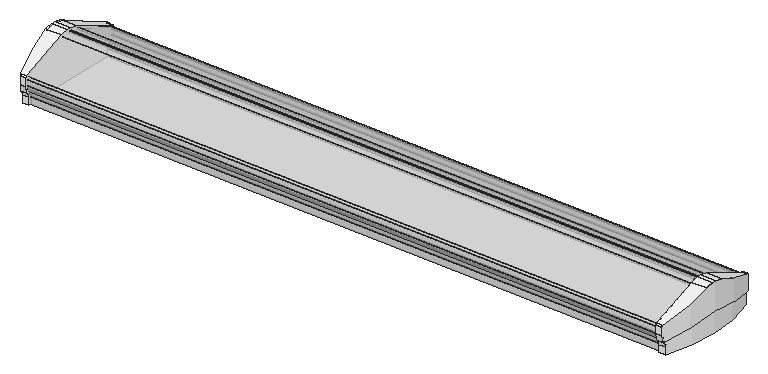
Revit family "0044895 Lighting Fixture_Sylvania_DeltaWing-LED-Electronic_Ceiling Surface", category Lighting Fixtures, host Face, Revit 2017
Family settings
  Host = Face
  Round Connector Dimension = Use Diameter
  Part Type = Normal
  OmniClass Number = 23.80.70.11.17
  OmniClass Title = Specialized Lighting by Location or Use
  Cut with Voids When Loaded = No
  Light Source = Yes
  Shared = No
  Room Calculation Point = No
Parameters (values of type "DELTAWING LED40 DALI MW 4K 1200")
  Width = 200.0 mm
  Weight = 3.50 kg
  Wattage = 36 W
  built-in parameter 1150110 = 1 (stored number, unit not read)
  Voltage Comments = "UNV (Universal Voltage; 220-240 Volt)"  # constant formula
  Voltage = 230 V  # constant formula
  URL = "http://www.sylvania-lighting.com"
  built-in parameter 1114217 = 1 (stored number, unit not read)
  Tilt Angle = -90.00°
  built-in parameter 1150109 = 1 (stored number, unit not read)
  built-in parameter 1150134 = 12
  Ta Rating = "-10°C  to +25°C"  # constant formula
  built-in parameter 1150113 = 1 (stored number, unit not read)
  Product Page URL = "http://www.sylvania-lighting.com/product/en-int/products/0044895"
  Product Family = "DELTAWING LED - ELECTRONIC"  # constant formula
  Photometry Comments = ""
  Photometric Web File = "0044895_DELTAWINGLED40DALIMW4K1200-198222.ies"
  Life = "50 000h"  # constant formula
  Length = 1218.0 mm
  LOR = "100%"
  Inrush Current (max. quantity per 16A C breaker) = "20"  # constant formula
  IP Rating = "IP44"  # constant formula
  IK Rating = "IK08"  # constant formula
  Height = 85.0 mm
  Glow Wire Test = 850 °C  # constant formula
  Glare Control = "UGR<22"
  Emit from Line Length = Length - 2.0 mm * 29  # 1160.0 mm
  Electrical Protection = "Class I"  # constant formula
  Drive Current = "250mA"
  built-in parameter 1114216 [instance] = 1 (stored number, unit not read)
  Cap Material = Plastic_Sylvania_DeltaWing_White
  Model = "DELTAWING LED40 DALI MW 4K 1200"
  Manufacturer = "Feilo Sylvania"
  built-in parameter 1150105 = 1278.6 (stored number, unit not read)
  Lumens = 4029.84 lm
  built-in parameter 1150115 = 1 (stored number, unit not read)
  built-in parameter 1150137 = (empty or 0)
  built-in parameter 1150139 = (empty or 0)
  built-in parameter 1150112 = 1 (stored number, unit not read)
  built-in parameter 1150114 = 1 (stored number, unit not read)
  Lamp = "\tIntegrated LED"  # constant formula
  built-in parameter 1150132 = 2
  built-in parameter 1150102 = (empty or 0)
  built-in parameter 1150107 = 4000 (stored number, unit not read)
  built-in parameter 1150138 = (empty or 0)
  built-in parameter 1150106 = 12.786 (stored number, unit not read)
  CRI (Ra) = "> 80"  # constant formula
  Body Material = Steel_Sylvania_DeltaWing_White
  built-in parameter 1150104 = 10.4 (stored number, unit not read)
  Dimming Lamp Color Temperature Shift = <None>
  Diffuser Material = Polycarbonate_Sylvania_DeltaWing_Opal_4000K
  Description = "Low profile surface and suspended LED diffuser luminaire DeltaWing LED is perfect to fulfil a wide range of applications, including educational environments, medical buildings, storage facilities and circulation areas including stairwells High performance: delivers up to 7,260lm (luminaire lumen output on 4,000K version), and up to 102lm/W (total system efficiency) Available in neutral white (4,000K) and warm white (3,000K) Smooth Polycarbonate extruded diffuser provides high efficiency, while minimising glare Precision prisms designed to optimise light output and reduce glare Options of non-dimmable, DALI, 3 hour maintained Emergency and Integrated Microwave sensor as standard Integrated Microwave sensor mounted discretely behind the diffuser helps further reduce energy and maintenance bills Suitable for suspended mounting using wire suspension kit (to be ordered seperately) BESA box connection possibility standard on product Long lifetime: 50,000 hours life at 70% of the original output L70 Energy class: A++, A+, A"  # constant formula
  Default Elevation = 0.0 mm
  Color Filter = 16777215
  Catalog Number = "0044895 DELTAWING LED40 DALI MW 4K 1200"
  built-in parameter 1140040 [instance] = 1
  built-in parameter 1114218 = 1 (stored number, unit not read)
  built-in parameter 1150133 = 10 (stored number, unit not read)
  Assembly Code = "D5020200"
  Apparent Load = 36 VA
Reference planes
  plane 1 "Center (Front/Back)": y = 0
  plane 2 "Fixture Top": z = 0
  plane 3 "Center (Left/Right)": x = 0
  plane 4 "Fixture Left": x = -609
  plane 5 "Fixture Right": x = 609
  plane 6 "Fixture Back": y = 100
  plane 7 "Fixture Front": y = -100
  plane 8 "Cap left": x = -580
  plane 9 "Cap Right": x = 580
  plane 10 "Lamp Plane": z = 22
  plane 11 "Fixture Bottom": z = 85
  plane 12: y = 20
  plane 13: y = -20
Forms (mm)
  Extrusion 1, solid, material "Steel_Sylvania_DeltaWing_White" <- "Body Material", detail levels fine
    sketch origin (0, 0, 0) x (0, 1, 0) y (0, 0, 1)
      loop
        line (-88.5, 0) -> (88.5, 0) -> (88.5, 13.239) -> (90.848, 22) -> (88.777, 22) -> (86.5, 13.502) -> (86.5, 2) -> (-86.5, 2) -> (-86.5, 13.502) -> (-88.777, 22) -> (-90.848, 22) -> (-88.5, 13.239) -> (-88.5, 0)
    from -580 to 580
  Extrusion 2, solid, material "Polycarbonate_Sylvania_DeltaWing_Opal_4000K" <- "Diffuser Material", detail levels fine
    sketch origin (0, 0, 0) x (0, 1, 0) y (0, 0, 1)
      loop
        line (96, 33.502) -> (94.018, 26.104) -> (92.041, 26.455) -> (88.5, 13.239) -> (88.5, 0) -> (90.5, 0) -> (90.5, 12.975) -> (93.498, 24.165) -> (95.475, 23.815) -> (98, 33.238) -> (98, 44.42)
        arc (98, 44.42) -> (97.319, 46.653) -> (95.506, 48.125) r 4
        line (95.506, 48.125) -> (16.971, 80.055)
        arc (16.971, 80.055) -> (9.581, 82.257) -> (1.906, 83) r 40
        line (1.906, 83) -> (-1.906, 83)
        arc (-1.906, 83) -> (-9.581, 82.257) -> (-16.971, 80.055) r 40
        line (-16.971, 80.055) -> (-95.506, 48.125)
        arc (-95.506, 48.125) -> (-97.319, 46.653) -> (-98, 44.42) r 4
        line (-98, 44.42) -> (-98, 33.238) -> (-95.475, 23.815) -> (-93.498, 24.165) -> (-90.5, 12.975) -> (-90.5, 0) -> (-88.5, 0) -> (-88.5, 13.239) -> (-92.041, 26.455) -> (-94.018, 26.104) -> (-96, 33.502) -> (-96, 43.074)
        arc (-96, 43.074) -> (-95.319, 45.307) -> (-93.506, 46.779) r 4
        line (-93.506, 46.779) -> (-15.978, 78.299)
        arc (-15.978, 78.299) -> (-9.922, 80.17) -> (-3.638, 81) r 37.685
        line (-3.638, 81) -> (3.638, 81)
        arc (3.638, 81) -> (9.922, 80.17) -> (15.978, 78.299) r 37.685
        line (15.978, 78.299) -> (93.506, 46.779)
        arc (93.506, 46.779) -> (95.319, 45.307) -> (96, 43.074) r 4
        line (96, 43.074) -> (96, 33.502)
    from -580 to 580
  Extrusion 3, solid, material "Steel_Sylvania_DeltaWing_White" <- "Body Material", detail levels coarse+medium
    sketch origin (0, 0, 0) x (0, 1, 0) y (0, 0, 1)
      loop
        line (-16.971, 80.055) -> (-95.506, 48.125)
        arc (-95.506, 48.125) -> (-97.319, 46.653) -> (-98, 44.42) r 4
        line (-98, 44.42) -> (-98, 33.238) -> (-95.475, 23.815) -> (-93.498, 24.165) -> (-90.5, 12.975) -> (-90.5, 0) -> (90.5, 0) -> (90.5, 12.975) -> (93.498, 24.165) -> (95.475, 23.815) -> (98, 33.238) -> (98, 44.42)
        arc (98, 44.42) -> (97.319, 46.653) -> (95.506, 48.125) r 4
        line (95.506, 48.125) -> (16.971, 80.055)
        arc (16.971, 80.055) -> (9.581, 82.257) -> (1.906, 83) r 40
        line (1.906, 83) -> (-1.906, 83)
        arc (-1.906, 83) -> (-9.581, 82.257) -> (-16.971, 80.055) r 40
    from -580 to 580
Dimensions and locks
  equal spacing: plane 4 "Fixture Left", plane 3 "Center (Left/Right)", plane 5 "Fixture Right"
  "Length": plane 4 "Fixture Left" to plane 5 "Fixture Right"
  locked: plane 4 "Fixture Left" to plane 8 "Cap left" at 29
  locked: plane 9 "Cap Right" to plane 5 "Fixture Right" at 29
  "Height": plane 11 "Fixture Bottom" to plane 2 "Fixture Top"
  equal spacing: plane 6 "Fixture Back", plane 1 "Center (Front/Back)", plane 7 "Fixture Front"
  "Width": plane 6 "Fixture Back" to plane 7 "Fixture Front"
  equal spacing: plane 12, plane 1 "Center (Front/Back)", plane 13
  locked: Extrusion 1 sketch curve to Extrusion 1 sketch curve at 2
  locked: plane 10 "Lamp Plane" to Extrusion 1 sketch curve at 8.498  (x2)
  aligned and locked: level to host face
  aligned and locked: nested 1 to plane 1 "Center (Front/Back)"
  aligned and locked: nested 1 to plane 5 "Fixture Right"
  aligned and locked: nested 2 to plane 4 "Fixture Left"
  aligned and locked: plane 2 "Fixture Top" to Extrusion 1 sketch curve
  aligned and locked: Extrusion 1 to plane 8 "Cap left"
  aligned and locked: plane 9 "Cap Right" to Extrusion 1
  aligned and locked: Extrusion 2 to plane 8 "Cap left"
  aligned and locked: plane 9 "Cap Right" to Extrusion 2
  aligned and locked: Extrusion 3 sketch curve to Extrusion 2  (x2)
  aligned and locked: Extrusion 3 to plane 8 "Cap left"
  aligned and locked: plane 9 "Cap Right" to Extrusion 3
  aligned and locked: plane 2 "Fixture Top" to nested 2
  aligned and locked: nested 1 to plane 2 "Fixture Top"
  aligned and locked: plane 10 "Lamp Plane" to Extrusion 1 sketch curve  (x2)
  aligned and locked: Extrusion 3 sketch curve to plane 2 "Fixture Top"
  aligned and locked: plane 2 "Fixture Top" to Extrusion 2 sketch curve
  aligned and locked: Extrusion 2 sketch curve to plane 2 "Fixture Top"
  aligned and locked: imposter light to plane 1 "Center (Front/Back)"
  aligned and locked: plane 3 "Center (Left/Right)" to imposter light
  aligned and locked: plane 11 "Fixture Bottom" to imposter light
Automatic sketch dimensions
  host sketch curve to host sketch curve = 1713.741 mm
  host sketch curve to host sketch curve = 1283.632 mm
  plane 7 "Fixture Front" to Extrusion 2 sketch curve = 2.0 mm
  Extrusion 2 sketch curve to plane 10 "Lamp Plane" = 9.025 mm  (x2)
  Extrusion 2 sketch curve to Extrusion 2 sketch curve = 2.0 mm  (x8)
  Extrusion 2 sketch curve to Extrusion 2 sketch curve = 2.494 mm
  plane 10 "Lamp Plane" to Extrusion 2 sketch curve = 1.815 mm  (x2)
  plane 7 "Fixture Front" to Extrusion 2 sketch curve = 4.525 mm
  Extrusion 2 sketch curve to Extrusion 2 sketch curve = 1.457 mm  (x2)
  plane 10 "Lamp Plane" to Extrusion 2 sketch curve = 2.165 mm  (x2)
  Extrusion 2 sketch curve to Extrusion 2 sketch curve = 0.52 mm
  Extrusion 2 sketch curve to Extrusion 2 sketch curve = 1.977 mm  (x3)
  plane 7 "Fixture Front" to Extrusion 2 sketch curve = 9.5 mm
  plane 13 to Extrusion 2 sketch curve = 3.029 mm
  Extrusion 2 sketch curve to Extrusion 2 sketch curve = 0.993 mm  (x2)
  plane 1 "Center (Front/Back)" to Extrusion 2 sketch curve = 3.638 mm
  plane 1 "Center (Front/Back)" to Extrusion 2 sketch curve = 1.906 mm
  Extrusion 2 sketch curve to plane 1 "Center (Front/Back)" = 1.906 mm
  Extrusion 2 sketch curve to Extrusion 2 sketch curve = 1.732 mm
  plane 12 to Extrusion 2 sketch curve = 4.022 mm
  Extrusion 2 sketch curve to plane 6 "Fixture Back" = 11.5 mm
  Extrusion 2 sketch curve to plane 6 "Fixture Back" = 7.959 mm
  Extrusion 2 sketch curve to plane 6 "Fixture Back" = 6.494 mm
  Extrusion 2 sketch curve to plane 6 "Fixture Back" = 4.0 mm
  Extrusion 2 sketch curve to plane 6 "Fixture Back" = 2.0 mm
  Extrusion 2 sketch curve to Extrusion 2 sketch curve = 0.041 mm  (x2)
  Extrusion 2 sketch curve to Extrusion 2 sketch curve = 1.506 mm
  Extrusion 2 sketch curve to Extrusion 2 sketch curve = 0.494 mm
  Extrusion 2 sketch curve to Extrusion 2 sketch curve = 0.263 mm  (x4)
  Extrusion 2 sketch curve to Extrusion 2 sketch curve = 1.939 mm  (x2)
  Extrusion 2 sketch curve to Extrusion 2 sketch curve = 0.351 mm  (x2)
  Extrusion 2 sketch curve to Extrusion 2 sketch curve = 7.134 mm  (x2)
  Extrusion 2 sketch curve to Extrusion 2 sketch curve = 9.572 mm  (x2)
  Extrusion 2 sketch curve to Extrusion 2 sketch curve = 1.346 mm  (x2)
  Extrusion 2 sketch curve to plane 11 "Fixture Bottom" = 6.701 mm
  Extrusion 2 sketch curve to Extrusion 2 sketch curve = 0.0 mm
  Extrusion 2 sketch curve to Extrusion 2 sketch curve = 1.755 mm  (x2)
  Extrusion 2 sketch curve to Extrusion 2 sketch curve = 2.701 mm
  Extrusion 1 sketch curve to Extrusion 1 sketch curve = 2.0 mm  (x2)
  Extrusion 1 sketch curve to Extrusion 1 sketch curve = 0.263 mm  (x2)
  Extrusion 1 sketch curve to Extrusion 1 sketch curve = 2.071 mm  (x2)
  plane 7 "Fixture Front" to Extrusion 1 sketch curve = 9.152 mm
  plane 13 to Extrusion 3 sketch curve = 3.029 mm
  Extrusion 3 sketch curve to Extrusion 3 sketch curve = 1.506 mm  (x2)
  Extrusion 3 sketch curve to Extrusion 3 sketch curve = 11.181 mm  (x2)
  plane 10 "Lamp Plane" to Extrusion 3 sketch curve = 1.815 mm  (x2)
  plane 7 "Fixture Front" to Extrusion 3 sketch curve = 4.525 mm
  plane 10 "Lamp Plane" to Extrusion 3 sketch curve = 2.165 mm  (x2)
  Extrusion 3 sketch curve to Extrusion 3 sketch curve = 1.977 mm  (x2)
  plane 7 "Fixture Front" to Extrusion 3 sketch curve = 9.5 mm
  Extrusion 3 sketch curve to plane 10 "Lamp Plane" = 9.025 mm  (x2)
  plane 1 "Center (Front/Back)" to Extrusion 3 sketch curve = 1.906 mm
  plane 10 "Lamp Plane" to Extrusion 3 sketch curve = 21.0 mm
  plane 12 to Extrusion 3 sketch curve = 3.029 mm
  Extrusion 3 sketch curve to plane 1 "Center (Front/Back)" = 1.906 mm
  Extrusion 3 sketch curve to plane 6 "Fixture Back" = 4.494 mm
  Extrusion 3 sketch curve to Extrusion 3 sketch curve = 0.0 mm
  plane 10 "Lamp Plane" to Extrusion 3 sketch curve = 26.125 mm
  Extrusion 3 sketch curve to plane 6 "Fixture Back" = 2.0 mm
  Extrusion 3 sketch curve to plane 6 "Fixture Back" = 4.525 mm
  Extrusion 3 sketch curve to plane 6 "Fixture Back" = 9.5 mm
  Extrusion 1 sketch curve to plane 6 "Fixture Back" = 11.223 mm
  plane 7 "Fixture Front" to Extrusion 1 sketch curve = 11.5 mm
  Extrusion 1 sketch curve to plane 6 "Fixture Back" = 13.5 mm
Nested families
  nested 1: "Cap" at (580, 0, 0) x (0, 1, 0) z (0, 0, 1), type "Type"
  nested 2: "Cap" at (-580, 0, 0) x (0, 1, 0) z (0, 0, 1), type "Type"
Connectors
  electrical at (0, 0, 0), driven by "Voltage", driven by "Apparent Load"
    settings: on Extrusion 1, index 1, voltage 230 V, apparent load 0 VA, apparent load phase1 36 VA, apparent load phase2 0 VA, apparent load phase3 0 VA, power factor 1, load classification "Lighting", number of poles 1, system type 31, power factor state 1, is connector primary yes, connector utility no, sub classification motor no, connector description ""
Definition of nested family "Cap"
  Parameters
    Height = 85.0 mm
    Width = 200.0 mm
    Default Elevation = 0.0 mm
    Cap Material = none
  Reference planes
    plane 1 "Center (Front/Back)": y = 0
    plane 2: z = 0
    plane 3 "Center (Left/Right)": x = 0
    plane 4: x = 100
    plane 5: x = -100
    plane 6: y = -29
    plane 7: y = -10
    plane 8: z = 85
    plane 9: z = 17
    plane 10: z = 22
    plane 11: z = 37
  Forms (mm)
    Extrusion 1, solid, material <- "Cap Material"
      sketch origin (0, 0, 0) x (1, 0, 0) y (0, 1, 0)
        loop
          line (-100, 0) -> (-100, -10)
          arc (-100, -10) -> (0, -28.818) -> (100, -10) r 275.114
          line (100, -10) -> (100, 0) -> (-100, 0)
      from 0 to 85
    Extrusion 2, void
      sketch origin (0, 0, 0) x (1, 0, 0) y (0, 0, 1)
        loop
          line (-92.5, 0) -> (-92.5, 12.712) -> (-94.955, 21.876) -> (-96.887, 21.358) -> (-101.913, 40.115)
          arc (-101.913, 40.115) -> (-101.345, 45.755) -> (-97.183, 49.603) r 8
          line (-97.183, 49.603) -> (-17.481, 82.006)
          arc (-17.481, 82.006) -> (-8.901, 84.444) -> (0, 85) r 41.685
          arc (0, 85) -> (8.901, 84.444) -> (17.481, 82.006) r 41.685
          line (17.481, 82.006) -> (97.183, 49.603)
          arc (97.183, 49.603) -> (101.345, 45.755) -> (101.913, 40.115) r 8
          line (101.913, 40.115) -> (96.887, 21.358) -> (94.955, 21.876) -> (92.5, 12.712) -> (92.5, 0) -> (117.5, 0) -> (117.5, 106.013) -> (-117.5, 106.013) -> (-117.5, 0) -> (-92.5, 0)
      from 0 to 250
    Extrusion 3, void
      sketch origin (0, 0, 0) x (1, 0, 0) y (0, 0, 1)
        loop
          line (-94.955, 21.876) -> (-100, 20.524) -> (-100, 0) -> (100, 0) -> (100, 20.524) -> (94.955, 21.876) -> (10.419, 36.87)
          arc (10.419, 36.87) -> (0, 37.781) -> (-10.419, 36.87) r 60
          line (-10.419, 36.87) -> (-94.955, 21.876)
      from -68.585 to 250
    Extrusion 4, solid, material <- "Cap Material"
      sketch origin (0, 0, 0) x (1, 0, 0) y (0, 1, 0)
        loop
          line (-100, 0) -> (-100, -9.525)
          arc (-100, -9.525) -> (0.169, -27.445) -> (100, -7.727) r 275.114
          line (100, -7.727) -> (100, 0) -> (-100, 0)
      from 0 to 85
    Extrusion 5, void
      sketch origin (0, 0, 0) x (1, 0, 0) y (0, 0, 1)
        loop
          line (-92.5, 0) -> (-92.5, 12.712) -> (-94.955, 21.876) -> (-96.887, 21.358) -> (-101.913, 40.115)
          arc (-101.913, 40.115) -> (-101.345, 45.755) -> (-97.183, 49.603) r 8
          line (-97.183, 49.603) -> (-17.481, 82.006)
          arc (-17.481, 82.006) -> (-8.901, 84.444) -> (0, 85) r 41.685
          arc (0, 85) -> (8.901, 84.444) -> (17.481, 82.006) r 41.685
          line (17.481, 82.006) -> (97.183, 49.603)
          arc (97.183, 49.603) -> (101.345, 45.755) -> (101.913, 40.115) r 8
          line (101.913, 40.115) -> (96.887, 21.358) -> (94.955, 21.876) -> (92.5, 12.712) -> (92.5, 0) -> (117.5, 0) -> (117.5, 106.013) -> (-117.5, 106.013) -> (-117.5, 0) -> (-92.5, 0)
      from 0 to 250
  Cuts and joins
    Extrusion 2, Extrusion 3, Extrusion 5 cuts Extrusion 1
    Extrusion 5 cuts Extrusion 4
    joined: Extrusion 1, Extrusion 4
  Dimensions and locks
    equal spacing: plane 5, plane 3 "Center (Left/Right)", plane 4
    "Width": plane 5 to plane 4
    locked: plane 1 "Center (Front/Back)" to plane 6 at 29
    plane 1 "Center (Front/Back)" to plane 7 = 10.0 mm
    "Height": plane 8 to level
    plane 9 to plane 2 = 17.0 mm
    plane 10 to plane 9 = 5.0 mm
    Extrusion 2 sketch curve to plane 5 = 7.5 mm
    aligned and locked: level to plane 2
    aligned and locked: plane 1 "Center (Front/Back)" to Extrusion 1 sketch curve
    aligned and locked: Extrusion 1 sketch curve to plane 5
    aligned and locked: Extrusion 1 sketch curve to plane 4
    aligned and locked: plane 7 to Extrusion 1 sketch curve  (x2)
    aligned and locked: Extrusion 1 to plane 2
    aligned and locked: plane 8 to Extrusion 1
  Automatic sketch dimensions
    Extrusion 1 sketch curve to plane 1 "Center (Front/Back)" = 246.296 mm
    Extrusion 2 sketch curve to plane 5 = 17.5 mm
    Extrusion 2 sketch curve to plane 9 = 4.288 mm
    Extrusion 2 sketch curve to plane 3 "Center (Left/Right)" = 0.0 mm
    Extrusion 2 sketch curve to plane 8 = 0.0 mm
    Extrusion 2 sketch curve to plane 5 = 1.913 mm
    plane 5 to Extrusion 2 sketch curve = 2.817 mm
    plane 10 to Extrusion 2 sketch curve = 0.642 mm  (x2)
    plane 5 to Extrusion 2 sketch curve = 3.113 mm
    plane 10 to Extrusion 2 sketch curve = 0.124 mm  (x2)
    Extrusion 2 sketch curve to plane 8 = 2.994 mm  (x2)
    Extrusion 2 sketch curve to plane 3 "Center (Left/Right)" = 17.481 mm
    plane 3 "Center (Left/Right)" to Extrusion 2 sketch curve = 17.481 mm
    Extrusion 2 sketch curve to plane 4 = 7.5 mm
    Extrusion 2 sketch curve to plane 4 = 5.045 mm
    Extrusion 2 sketch curve to Extrusion 2 sketch curve = 1.932 mm
    Extrusion 2 sketch curve to plane 4 = 2.817 mm
    plane 4 to Extrusion 2 sketch curve = 1.913 mm
    plane 4 to Extrusion 2 sketch curve = 17.5 mm
    plane 5 to Extrusion 2 sketch curve = 5.814 mm
    Extrusion 2 sketch curve to plane 3 "Center (Left/Right)" = 1.865 mm
    plane 3 "Center (Left/Right)" to Extrusion 2 sketch curve = 1.865 mm
    Extrusion 2 sketch curve to plane 4 = 5.814 mm
    Extrusion 2 sketch curve to Extrusion 2 sketch curve = 9.488 mm  (x2)
    plane 8 to Extrusion 2 sketch curve = 21.013 mm
    Extrusion 2 sketch curve to level = 0.0 mm  (x2)
    Extrusion 3 sketch curve to plane 3 "Center (Left/Right)" = 0.0 mm
    plane 10 to Extrusion 3 sketch curve = 0.124 mm  (x2)
    Extrusion 3 sketch curve to plane 3 "Center (Left/Right)" = 10.419 mm
    plane 3 "Center (Left/Right)" to Extrusion 3 sketch curve = 10.419 mm
    plane 11 to Extrusion 3 sketch curve = 0.13 mm
    plane 10 to Extrusion 3 sketch curve = 1.476 mm  (x2)
    Extrusion 3 sketch curve to level = 0.0 mm
    Extrusion 3 sketch curve to plane 5 = 0.0 mm
    Extrusion 3 sketch curve to Extrusion 3 sketch curve = 22.219 mm
    plane 5 to Extrusion 3 sketch curve = 5.045 mm
    Extrusion 3 sketch curve to plane 4 = 5.045 mm
    plane 4 to Extrusion 3 sketch curve = 0.0 mm
    plane 1 "Center (Front/Back)" to Extrusion 4 sketch curve = 0.0 mm
    Extrusion 4 sketch curve to plane 5 = 0.0 mm
    Extrusion 4 sketch curve to plane 4 = 0.0 mm
    plane 7 to Extrusion 4 sketch curve = 2.273 mm
    plane 7 to Extrusion 4 sketch curve = 0.475 mm
    Extrusion 4 sketch curve to plane 1 "Center (Front/Back)" = 247.658 mm
    Extrusion 5 sketch curve to level = 0.0 mm  (x2)
    Extrusion 5 sketch curve to plane 5 = 17.5 mm
    Extrusion 5 sketch curve to plane 9 = 4.288 mm  (x2)
    Extrusion 5 sketch curve to plane 3 "Center (Left/Right)" = 0.0 mm
    Extrusion 5 sketch curve to plane 8 = 0.0 mm
    Extrusion 5 sketch curve to plane 5 = 1.913 mm
    plane 5 to Extrusion 5 sketch curve = 2.817 mm
    plane 10 to Extrusion 5 sketch curve = 0.642 mm  (x2)
    plane 5 to Extrusion 5 sketch curve = 3.113 mm
    plane 10 to Extrusion 5 sketch curve = 0.124 mm  (x2)
    Extrusion 5 sketch curve to Extrusion 5 sketch curve = 1.932 mm
    Extrusion 5 sketch curve to plane 8 = 2.994 mm  (x2)
    Extrusion 5 sketch curve to plane 3 "Center (Left/Right)" = 17.481 mm
    plane 3 "Center (Left/Right)" to Extrusion 5 sketch curve = 17.481 mm
    Extrusion 5 sketch curve to plane 4 = 7.5 mm
    Extrusion 5 sketch curve to plane 4 = 5.045 mm
    Extrusion 5 sketch curve to plane 4 = 2.817 mm
    plane 4 to Extrusion 5 sketch curve = 1.913 mm
    plane 4 to Extrusion 5 sketch curve = 17.5 mm
    plane 5 to Extrusion 5 sketch curve = 5.814 mm
    Extrusion 5 sketch curve to plane 3 "Center (Left/Right)" = 1.865 mm
    plane 3 "Center (Left/Right)" to Extrusion 5 sketch curve = 1.865 mm
    Extrusion 5 sketch curve to plane 4 = 5.814 mm
    Extrusion 5 sketch curve to Extrusion 5 sketch curve = 9.488 mm  (x2)
    plane 8 to Extrusion 5 sketch curve = 21.013 mm
